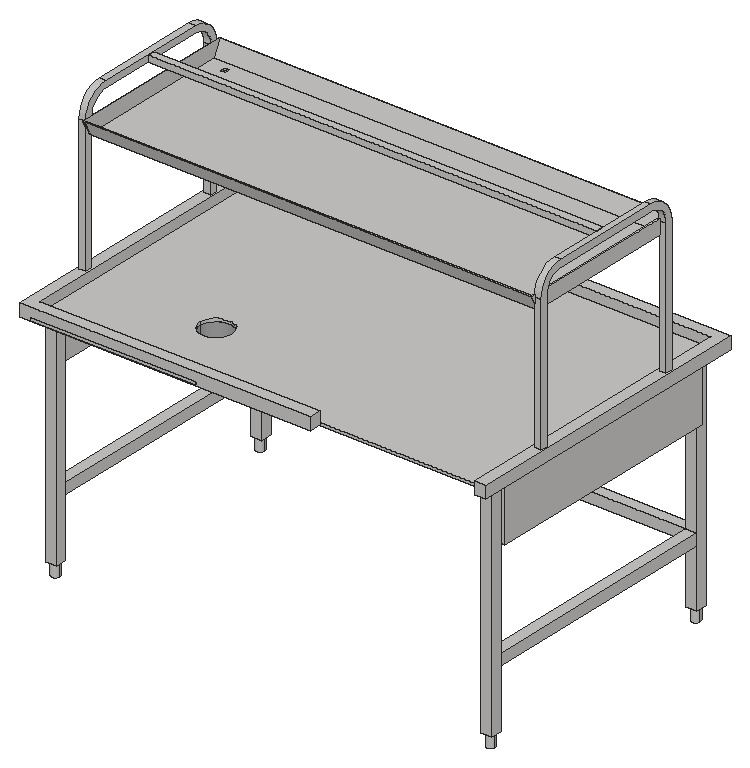
Revit family "QF_ZANUSSI_865343_BHST1711L", category Attrezzature speciali, Revit 2020
Family settings
  Quota connettore circolare = Usa diametro
  Tipo di parte = Normale
  Basato su piano di lavoro = No
  Sempre verticale = Sì
  Taglio con vuoti quando caricato = No
  Condiviso = No
  Punto di calcolo locali = No
Parameters (values of type "Standard")
  Weight = 15.00 kg
  Watts = 0 W
  Volts = 0 V
  URL Manufacturer = "http://www.zanussiprofessional.com"
  URL = "http://www.zanussiprofessional.com"
  Steam Supply Size = 0 mm
  Steam Supply Minimum Pressure = 0.0 Pa
  Steam Supply Maximum Pressure = 0.0 Pa
  Steam Consumption per Hour = 0
  Refrigeration Suction Line Size = 0 mm
  Refrigeration Liquid Line Size = 0 mm
  Refrigerant Compressor Remote = yes
  Prospetto di default = 0 mm
  Produttore = "Zanussi"
  Phase = 0
  Modello = "BHST1711L"
  Length Actual = 1700 mm  # constant formula
  Item Number = "865343"
  Hot Water Size = 0 mm
  Height Actual = 1551 mm  # constant formula
  HP = "0 HP"
  Gas Size = 0 mm
  Gas KW = 0
  Gas Input Pressure = 0 W
  Direct Waste Size = 0 mm
  Description = "SORTING TABLE, LEFT>RIGHT, 1700X1100 MM "
  Depth Actual = 1100 mm  # constant formula
  Cycle = 0 Hz
  Condensate Return Size = 0 mm
  Compressed Air Volume = 0.0 L/s
  Compressed Air Size = 0 mm
  Compressed Air Pressure = 0.0 Pa
  Cold Water Size = 0 mm
  Accessory = yes
Reference planes
  plane 1 "Centro (Fronte/Retro)": y = 0
  plane 2: z = 0
  plane 3 "Centro (Sinistra/Destra)": x = 0
  plane 4: x = 850
  plane 5: z = 1492
  plane 6: x = 20
  plane 7: y = -557.5
  plane 8: x = 56
  plane 9: x = 1700
  plane 10: x = 1644
  plane 11: y = -1115
  plane 12: y = -88
  plane 13: y = -1023
Forms (mm)
  Extrusion 1, solid, material "QF_Finishes_Stainless Steel"
    sketch origin (0, 0, 865) x (1, 0, 0) y (0, 1, 0)
      loop
        line (40, -1115) -> (640, -1115) -> (640, -1075) -> (1660, -1075) -> (1660, -40) -> (40, -40) -> (40, -1115)
    from 0 to 10
  Extrusion 2, solid, material "QF_Finishes_Stainless Steel"
    sketch origin (36, -178, 0) x (0, 1, 0) y (0, 0, 1)
      loop
        line (70, 299.579) -> (-825, 299.579) -> (-825, 259.579) -> (70, 259.579) -> (70, 299.579)
    from 0 to 40
  Extrusion 3, solid, material "QF_Finishes_Stainless Steel"
    sketch origin (0, -178, -12) x (0, 1, 0) y (0, 0, 1)
      loop
        line (-367.5, 1504) -> (-391.5, 1504) -> (-391.5, 1480) -> (-367.5, 1480) -> (-367.5, 1504)
    from 32 to 1668
  Extrusion 4, void
    sketch origin (32, -178, -6.687) x (0, 1, 0) y (0, 0, 1)
      loop
        line (-56.629, 1444.891) -> (-702.371, 1444.891) -> (-663.034, 1360.532) -> (-95.966, 1360.532) -> (-56.629, 1444.891)
    from 3.287 to 1634
  Extrusion 5, solid, material "QF_Finishes_Stainless Steel"
    sketch origin (32, -178, -12) x (0, 1, 0) y (0, 0, 1)
      loop
        line (-70.92, 1418.976) -> (-688.08, 1418.976) -> (-661.76, 1362.532) -> (-97.24, 1362.532) -> (-70.92, 1418.976)
    from 0 to 1636
  Extrusion 6, void
    sketch origin (0, -178, -12) x (1, 0, 0) y (0, 1, 0)
      loop
        circle (108.268, -136.161) r 12
    from 1301.755 to 1377.519
  Extrusion 7, solid, material "QF_Finishes_Stainless Steel"
    sketch origin (0, -178, -12) x (1, 0, 0) y (0, 1, 0)
      loop
        circle (108.21, -136.146) r 13
    from 1316.037 to 1362.532
  Extrusion 8, void
    sketch origin (0, -178, -12) x (1, 0, 0) y (0, 1, 0)
      loop
        circle (108.268, -136.161) r 10
    from 1301.755 to 1377.519
  Extrusion 9, solid, material "QF_Finishes_Stainless Steel"
    sketch origin (1664, -178, 0) x (0, 1, 0) y (0, 0, -1)
      loop
        line (70, -299.579) -> (70, -259.579) -> (-825, -259.579) -> (-825, -299.579) -> (70, -299.579)
    from 0 to 40
  Sweep 10, solid, material "QF_Finishes_Stainless Steel"
    path origin (1700, -178, -12) x (0, 1, 0) y (0, 0, -1)
      loop
        line (-95, -922) -> (-95, -1412)
        arc (-95, -1412) -> (-118.431, -1468.569) -> (-175, -1492) r 80
        line (-175, -1492) -> (-584, -1492)
        arc (-584, -1492) -> (-640.569, -1468.569) -> (-664, -1412) r 80
        line (-664, -1412) -> (-664, -922)
    profile origin (1700, -273, 1155) x (0, 1, 0) y (-1, 0, 0)
      loop
        line (12, 8) -> (12, 32) -> (-12, 32) -> (-12, 8) -> (12, 8)
  Extrusion 11, solid, material "QF_Finishes_Stainless Steel"
    sketch origin (1700, -178, 0) x (0, 1, 0) y (0, 0, -1)
      loop
        line (70, -865) -> (70, -660) -> (-825, -660) -> (-825, -865) -> (70, -865)
    from 20 to 36
  Sweep 12, solid, material "QF_Finishes_Stainless Steel"
    path origin (0, -178, -12) x (0, 1, 0) y (0, 0, 1)
      loop
        line (-95, 922) -> (-95, 1412)
        arc (-95, 1412) -> (-118.431, 1468.569) -> (-175, 1492) r 80
        line (-175, 1492) -> (-584, 1492)
        arc (-584, 1492) -> (-640.569, 1468.569) -> (-664, 1412) r 80
        line (-664, 1412) -> (-664, 922)
    profile origin (0, -273, 1155) x (0, -1, 0) y (1, 0, 0)
      loop
        line (-12, 8) -> (12, 8) -> (12, 32) -> (-12, 32) -> (-12, 8)
  Extrusion 13, solid, material "QF_Finishes_Stainless Steel"
    sketch origin (0, -178, 0) x (0, 1, 0) y (0, 0, 1)
      loop
        line (70, 865) -> (-825, 865) -> (-825, 660) -> (70, 660) -> (70, 865)
    from 20 to 36
  Extrusion 14, solid, material "QF_Finishes_Stainless Steel"
    sketch origin (-964, -68, 0) x (1, 0, 0) y (0, 1, 0)
      loop
        line (1000, 0) -> (1000, -40) -> (1040, -40) -> (1040, 0) -> (1000, 0)
    from 45 to 865
  Extrusion 15, solid, material "QF_Finishes_Stainless Steel"
    sketch origin (-964, -68, 0) x (1, 0, 0) y (0, 1, 0)
      loop
        circle (1020, -20) r 15
    from 0 to 45
  Extrusion 16, solid, material "QF_Finishes_Stainless Steel"
    sketch origin (2664, -68, 0) x (-1, 0, 0) y (0, -1, 0)
      loop
        line (1000, 0) -> (1040, 0) -> (1040, 40) -> (1000, 40) -> (1000, 0)
    from 45 to 865
  Extrusion 17, solid, material "QF_Finishes_Stainless Steel"
    sketch origin (2664, -68, 0) x (-1, 0, 0) y (0, -1, 0)
      loop
        circle (1020, 20) r 15
    from 0 to 45
  Extrusion 18, solid, material "QF_Finishes_Stainless Steel"
    sketch origin (-964, -1003, 0) x (1, 0, 0) y (0, 1, 0)
      loop
        line (1000, 0) -> (1000, -40) -> (1040, -40) -> (1040, 0) -> (1000, 0)
    from 45 to 865
  Extrusion 19, solid, material "QF_Finishes_Stainless Steel"
    sketch origin (-964, -1003, 0) x (1, 0, 0) y (0, 1, 0)
      loop
        circle (1020, -20) r 15
    from 0 to 45
  Extrusion 20, solid, material "QF_Finishes_Stainless Steel"
    sketch origin (2664, -1003, 0) x (-1, 0, 0) y (0, -1, 0)
      loop
        line (1000, 0) -> (1040, 0) -> (1040, 40) -> (1000, 40) -> (1000, 0)
    from 45 to 865
  Extrusion 21, solid, material "QF_Finishes_Stainless Steel"
    sketch origin (2664, -1003, 0) x (-1, 0, 0) y (0, -1, 0)
      loop
        circle (1020, 20) r 15
    from 0 to 45
  Extrusion 22, solid, material "QF_Finishes_Stainless Steel"
    sketch origin (0, -28, 0) x (1, 0, 0) y (0, 0, 1)
      loop
        line (76, 259.624) -> (1624, 259.624) -> (1624, 299.579) -> (76, 299.579) -> (76, 259.624)
    from 40 to 80
  Extrusion 23, solid, material "QF_Finishes_Stainless Steel"
    sketch origin (1700, 0, 865) x (-1, 0, 0) y (0, -1, 0)
      loop
        line (0, 0) -> (1700, 0) -> (1700, 1115) -> (640, 1115) -> (640, 1075) -> (1660, 1075) -> (1660, 40) -> (40, 40) -> (40, 1115) -> (0, 1115) -> (0, 0)
    from 0 to 45
  Extrusion 24, void
    sketch origin (1100, -343.125, 0) x (-1, 0, 0) y (0, -1, 0)
      loop
        circle (610, 490) r 58
    from 674.596 to 947.421
Cuts and joins
  Extrusion 4, Extrusion 8 cuts Extrusion 5
  Extrusion 6 cuts Extrusion 7
  Extrusion 24 cuts Extrusion 1
Dimensions and locks
  plane 5 to level = 1492 mm  (x2)
  plane 9 to plane 3 "Centro (Sinistra/Destra)" = 1700 mm
  plane 10 to plane 8 = 1588 mm
  plane 1 "Centro (Fronte/Retro)" to plane 11 = 1115 mm  (x2)
  Sweep 12 to Sweep 12 = 545 mm
  Extrusion 14 to Extrusion 18 = 895 mm
  plane 12 to plane 13 = 935 mm
  Extrusion 20 to Extrusion 18 = 1548 mm
  Extrusion 22 to Extrusion 22 = 39.955 mm
  plane 3 "Centro (Sinistra/Destra)" to plane 9 = 1700 mm
  aligned and locked: level to plane 2
  aligned and locked: Extrusion 15 to Extrusion 14
  aligned and locked: Extrusion 16 to Extrusion 17
  aligned and locked: Extrusion 19 to Extrusion 18
  aligned and locked: Extrusion 20 to Extrusion 21
Nested families
  nested 1: "FORO_IMMONDIZIE - 200" at (490, -833, 863.471) x (-1, 0, 0) z (0, 0, 1), type "FORO_IMMONDIZIE - 200"
Definition of nested family "FORO_IMMONDIZIE - 200"
  Parameters (values of type "FORO_IMMONDIZIE - 200")
    Default Elevation = 1219.2 mm
  Reference planes
    plane 1 "Centro (Fronte/Retro)": y = 0
    plane 2: z = 0
    plane 3 "Centro (Sinistra/Destra)": x = 0
    plane 4: z = -110
  Forms (mm)
    Extrusion 1, solid, not visible
      sketch origin (0, 0, 0) x (1, 0, 0) y (0, 1, 0)
        loop
          line (-1219.2, 1219.2) -> (-1219.2, -1219.2) -> (1219.2, -1219.2) -> (1219.2, 1219.2) -> (-1219.2, 1219.2)
      from 0 to -304.8
    Extrusion 2, solid
      sketch origin (0, 0, 0) x (1, 0, 0) y (0, 1, 0)
        loop
          circle (0, 0) r 60
        loop
          circle (0, 0) r 90
      from -110 to 1.529
  Dimensions and locks
    aligned and locked: plane 2 to Extrusion 1
    aligned and locked: level to Extrusion 1
